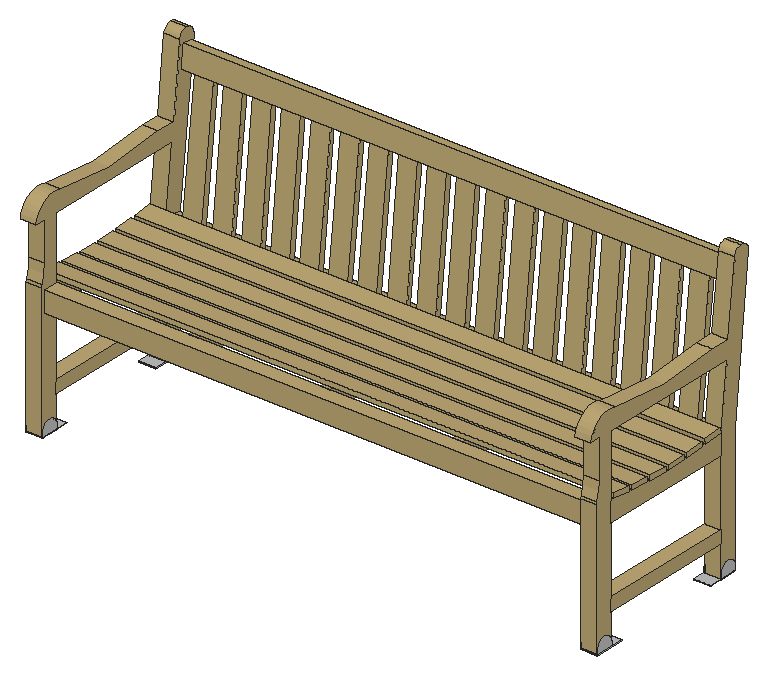
Revit family "L-FUR_벤치_BCBG1_예건", category 일반 모델, Revit 2021
Family settings
  보강 철근 호스트 가능 = 아니오
  원형 커넥터 치수 = 지름 사용
  부품 유형 = 보통
  작업 기준면 기반 = 아니오
  항상 수직 = 예
  로드될 때 보이드를 사용하여 절단 = 아니오
  공유 = 아니오
  룸 계산 점 = 아니오
Parameters
  한국산업규격KS = ""
  조달청표준공사코드-세부공종 = ""
  기본 입면도 = 0 mm
  건설정보분류체계-부위분류 = "E943"
  LIM_INFO_주의사항 = "재배포, 재가공, 판매 금지"
  LIM_INFO_제품업체 = "예건"
  LIM_INFO_제품번호 = "YF-16"
  LIM_INFO_제품명 = "펜스_YF-16"
  LIM_INFO_제작일 = "20230315"
  LIM_INFO_재료 = "Hardwood, STL-pipe, STL-plate"
  LIM_INFO_업체정보 = ""
  LIM_INFO_업체URL = "https://yekun.com/"
  LIM_INFO_업체TEL = "(+82)31-943-6114"
  LIM_INFO_업체EMAIL = "yekun@yekun.com"
  LIM_INFO_버전 = "2023_V01"
  LIM_INFO_기타정보 = ""
  LIM_INFO_규격 = "W2000 x H1800"
  LIM_INFO_가격 = 0
  LIM_INFO_PV_포장재여부 = yes
  LIM_INFO_PV_면적 = 0.00 m²
  KBIMS_식별-버전 = ""
  KBIMS_식별-bSK등록번호 = ""
  KBIMS_보급정보-저작자 = "림인포테크_MMJ"
  KBIMS_보급정보-보급코드 = ""
Reference planes
  plane 1 "중심(앞/뒤)": y = 0
  plane 2: z = 0
  plane 3 "중심(왼쪽/오른쪽)": x = 0
Dimensions and locks
  aligned and locked: level to plane 2
Nested families
  nested 1: "BCBG1_base" at (0, 0, 0), type "BCBG1_base"
Definition of nested family "BCBG1_base"
  Parameters (values of type "BCBG1_base")
    Default Elevation = 0 mm
  Reference planes
    plane 1 "중심(앞/뒤)": y = 0
    plane 2: z = 0
    plane 3 "중심(왼쪽/오른쪽)": x = 0
  Forms (mm)
    Extrusion 1, solid, detail levels fine
      sketch origin (1802, 620.18, 0) x (0, -1, 0) y (0, 0, 1)
        loop
          line (170.128, 423.18) -> (110.571, 430.457) -> (108.752, 415.568) -> (168.309, 408.29) -> (170.128, 423.18)
        loop
          line (243.413, 417.347) -> (183.577, 421.782) -> (182.468, 406.823) -> (242.304, 402.389) -> (243.413, 417.347)
        loop
          line (315.135, 414.949) -> (255.155, 416.521) -> (254.762, 401.526) -> (314.742, 399.954) -> (315.135, 414.949)
        loop
          line (326.518, 414.949) -> (326.911, 399.954) -> (386.89, 401.526) -> (386.497, 416.521) -> (326.518, 414.949)
        loop
          line (398.24, 417.347) -> (399.348, 402.389) -> (459.184, 406.823) -> (458.075, 421.782) -> (398.24, 417.347)
        loop
          line (469.524, 423.18) -> (471.343, 408.29) -> (530.9, 415.568) -> (529.081, 430.457) -> (469.524, 423.18)
      from 0 to 1800
    Extrusion 2, solid, detail levels fine
      sketch origin (1802, 620.18, 0) x (0, -1, 0) y (0, 0, 1)
        loop
          line (108.752, 350) -> (541.752, 350) -> (541.752, 415.923)
          arc (541.752, 415.923) -> (325.264, 400.704) -> (108.752, 415.568) r 1565.67
          line (108.752, 415.568) -> (107.534, 415.737) -> (108.752, 404.933) -> (108.752, 350)
      from 0 to 50
    Extrusion 3, solid, detail levels fine
      sketch origin (1802, 620.18, 0) x (0, -1, 0) y (0, 0, 1)
        loop
          arc (54.355, 887.369) -> (44.308, 904.726) -> (24.839, 909.539) r 25.639
          arc (24.839, 909.539) -> (6.188, 901.186) -> (0, 881.709) r 25
          line (0, 881.709) -> (53.752, 404.933) -> (53.752, 0) -> (108.752, 0) -> (108.752, 404.933) -> (85.512, 611.048) -> (541.728, 611.048) -> (541.728, 0) -> (596.752, 0) -> (596.752, 424.491)
          arc (596.752, 424.491) -> (596.456, 428.483) -> (595.428, 432.352) r 21.587
          arc (595.428, 432.352) -> (588.169, 459.921) -> (585.18, 488.273) r 187.203
          line (585.18, 488.273) -> (585.18, 611.048) -> (620.18, 611.048)
          arc (620.18, 611.048) -> (584.966, 664.33) -> (521.312, 669.548) r 73.038
          arc (521.312, 669.548) -> (330.222, 649.321) -> (138.752, 665.548) r 1012.882
          line (138.752, 665.548) -> (79.363, 665.548) -> (54.355, 887.369)
      from 0 to 50
    Extrusion 4, solid, detail levels fine
      sketch origin (1802, 620.18, 0) x (0, -1, 0) y (0, 0, 1)
        loop
          arc (521.312, 669.548) -> (330.222, 649.321) -> (138.752, 665.548) r 1012.882
          line (138.752, 665.548) -> (79.363, 665.548) -> (54.355, 887.369)
          arc (54.355, 887.369) -> (44.308, 904.726) -> (24.839, 909.539) r 25.639
          arc (24.839, 909.539) -> (6.188, 901.186) -> (0, 881.709) r 25
          line (0, 881.709) -> (53.752, 404.933) -> (53.752, 0) -> (108.752, 0) -> (108.752, 404.933) -> (85.512, 611.048) -> (541.728, 611.048) -> (541.728, 2) -> (596.752, 2) -> (596.752, 424.491)
          arc (596.752, 424.491) -> (596.456, 428.483) -> (595.428, 432.352) r 21.587
          arc (595.428, 432.352) -> (588.169, 459.921) -> (585.18, 488.273) r 187.203
          line (585.18, 488.273) -> (585.18, 611.048) -> (620.18, 611.048)
          arc (620.18, 611.048) -> (584.966, 664.33) -> (521.312, 669.548) r 73.038
      from 1750 to 1800
    Extrusion 5, solid, detail levels fine
      sketch origin (1802, 620.18, 0) x (0, -1, 0) y (0, 0, 1)
        loop
          line (108.752, 140) -> (108.752, 100) -> (541.752, 100) -> (541.752, 140) -> (108.752, 140)
      from 1750 to 1800
    Extrusion 6, solid, detail levels fine
      sketch origin (1802, 620.18, 0) x (0, -1, 0) y (0, 0, 1)
        loop
          line (541.752, 140) -> (108.752, 140) -> (108.752, 100) -> (541.752, 100) -> (541.752, 140)
      from 0 to 50
    Extrusion 7, solid, detail levels fine
      sketch origin (1802, 620.18, 0) x (0, -1, 0) y (0, 0, 1)
        loop
          line (51.366, 804.204) -> (43.523, 873.764) -> (13.712, 870.403) -> (21.554, 800.844) -> (51.366, 804.204)
      from 1750 to 50
    Extrusion 8, solid, detail levels fine
      sketch origin (1802, 620.18, 0) x (0, -1, 0) y (0, 0, 1)
        loop
          line (29.009, 801.669) -> (74.263, 407.257) -> (89.166, 408.967) -> (43.911, 803.379) -> (29.009, 801.669)
      from 87 to 147
    Extrusion 9, solid, detail levels fine
      sketch origin (1710, 620.18, 0) x (0, -1, 0) y (0, 0, 1)
        loop
          line (29.009, 801.669) -> (74.263, 407.257) -> (89.166, 408.967) -> (43.911, 803.379) -> (29.009, 801.669)
      from 87 to 147
    Extrusion 10, solid, detail levels fine
      sketch origin (1618, 620.18, 0) x (0, -1, 0) y (0, 0, 1)
        loop
          line (29.009, 801.669) -> (74.263, 407.257) -> (89.166, 408.967) -> (43.911, 803.379) -> (29.009, 801.669)
      from 87 to 147
    Extrusion 11, solid, detail levels fine
      sketch origin (1526, 620.18, 0) x (0, -1, 0) y (0, 0, 1)
        loop
          line (29.009, 801.669) -> (74.263, 407.257) -> (89.166, 408.967) -> (43.911, 803.379) -> (29.009, 801.669)
      from 87 to 147
    Extrusion 12, solid, detail levels fine
      sketch origin (1434, 620.18, 0) x (0, -1, 0) y (0, 0, 1)
        loop
          line (29.009, 801.669) -> (74.263, 407.257) -> (89.166, 408.967) -> (43.911, 803.379) -> (29.009, 801.669)
      from 87 to 147
    Extrusion 13, solid, detail levels fine
      sketch origin (1342, 620.18, 0) x (0, -1, 0) y (0, 0, 1)
        loop
          line (29.009, 801.669) -> (74.263, 407.257) -> (89.166, 408.967) -> (43.911, 803.379) -> (29.009, 801.669)
      from 87 to 147
    Extrusion 14, solid, detail levels fine
      sketch origin (1250, 620.18, 0) x (0, -1, 0) y (0, 0, 1)
        loop
          line (29.009, 801.669) -> (74.263, 407.257) -> (89.166, 408.967) -> (43.911, 803.379) -> (29.009, 801.669)
      from 87 to 147
    Extrusion 15, solid, detail levels fine
      sketch origin (1158, 620.18, 0) x (0, -1, 0) y (0, 0, 1)
        loop
          line (29.009, 801.669) -> (74.263, 407.257) -> (89.166, 408.967) -> (43.911, 803.379) -> (29.009, 801.669)
      from 87 to 147
    Extrusion 16, solid, detail levels fine
      sketch origin (1066, 620.18, 0) x (0, -1, 0) y (0, 0, 1)
        loop
          line (29.009, 801.669) -> (74.263, 407.257) -> (89.166, 408.967) -> (43.911, 803.379) -> (29.009, 801.669)
      from 87 to 147
    Extrusion 17, solid, detail levels fine
      sketch origin (974, 620.18, 0) x (0, -1, 0) y (0, 0, 1)
        loop
          line (29.009, 801.669) -> (74.263, 407.257) -> (89.166, 408.967) -> (43.911, 803.379) -> (29.009, 801.669)
      from 87 to 147
    Extrusion 18, solid, detail levels fine
      sketch origin (882, 620.18, 0) x (0, -1, 0) y (0, 0, 1)
        loop
          line (29.009, 801.669) -> (74.263, 407.257) -> (89.166, 408.967) -> (43.911, 803.379) -> (29.009, 801.669)
      from 87 to 147
    Extrusion 19, solid, detail levels fine
      sketch origin (790, 620.18, 0) x (0, -1, 0) y (0, 0, 1)
        loop
          line (29.009, 801.669) -> (74.263, 407.257) -> (89.166, 408.967) -> (43.911, 803.379) -> (29.009, 801.669)
      from 87 to 147
    Extrusion 20, solid, detail levels fine
      sketch origin (698, 620.18, 0) x (0, -1, 0) y (0, 0, 1)
        loop
          line (29.009, 801.669) -> (74.263, 407.257) -> (89.166, 408.967) -> (43.911, 803.379) -> (29.009, 801.669)
      from 87 to 147
    Extrusion 21, solid, detail levels fine
      sketch origin (606, 620.18, 0) x (0, -1, 0) y (0, 0, 1)
        loop
          line (29.009, 801.669) -> (74.263, 407.257) -> (89.166, 408.967) -> (43.911, 803.379) -> (29.009, 801.669)
      from 87 to 147
    Extrusion 22, solid, detail levels fine
      sketch origin (514, 620.18, 0) x (0, -1, 0) y (0, 0, 1)
        loop
          line (29.009, 801.669) -> (74.263, 407.257) -> (89.166, 408.967) -> (43.911, 803.379) -> (29.009, 801.669)
      from 87 to 147
    Extrusion 23, solid, detail levels fine
      sketch origin (422, 620.18, 0) x (0, -1, 0) y (0, 0, 1)
        loop
          line (29.009, 801.669) -> (74.263, 407.257) -> (89.166, 408.967) -> (43.911, 803.379) -> (29.009, 801.669)
      from 87 to 147
    Extrusion 24, solid, detail levels fine
      sketch origin (330, 620.18, 0) x (0, -1, 0) y (0, 0, 1)
        loop
          line (29.009, 801.669) -> (74.263, 407.257) -> (89.166, 408.967) -> (43.911, 803.379) -> (29.009, 801.669)
      from 87 to 147
    Extrusion 25, solid, detail levels fine
      sketch origin (238, 620.18, 0) x (0, -1, 0) y (0, 0, 1)
        loop
          line (29.009, 801.669) -> (74.263, 407.257) -> (89.166, 408.967) -> (43.911, 803.379) -> (29.009, 801.669)
      from 87 to 147
    Extrusion 26, solid, detail levels fine
      sketch origin (1802, 620.18, 0) x (0, -1, 0) y (0, 0, 1)
        loop
          line (62.534, 405.833) -> (62.534, 350) -> (108.752, 350) -> (108.752, 404.933) -> (108.05, 411.056) -> (62.534, 405.833)
      from 50 to 1750
    Extrusion 27, solid, detail levels fine
      sketch origin (1804, 620.18, 0) x (0, -1, 0) y (0, 0, 1)
        loop
          line (53.752, 16.495) -> (53.752, 0) -> (108.776, 0) -> (108.776, 16.792)
          arc (108.776, 16.792) -> (81.127, 42) -> (53.752, 16.495) r 27.604
      from 0 to 2
    Extrusion 28, solid, detail levels fine
      sketch origin (1752, 620.18, 0) x (0, -1, 0) y (0, 0, 1)
        loop
          line (53.752, 16.495) -> (53.752, 0) -> (108.776, 0) -> (108.776, 16.792)
          arc (108.776, 16.792) -> (81.127, 42) -> (53.752, 16.495) r 27.604
      from 0 to 2
    Extrusion 29, solid, detail levels fine
      sketch origin (54, 620.18, 0) x (0, -1, 0) y (0, 0, 1)
        loop
          line (53.752, 16.495) -> (53.752, 0) -> (108.776, 0) -> (108.776, 16.792)
          arc (108.776, 16.792) -> (81.127, 42) -> (53.752, 16.495) r 27.604
      from 0 to 2
    Extrusion 30, solid, detail levels fine
      sketch origin (2, 620.18, 0) x (0, -1, 0) y (0, 0, 1)
        loop
          line (53.752, 16.495) -> (53.752, 0) -> (108.776, 0) -> (108.776, 16.792)
          arc (108.776, 16.792) -> (81.127, 42) -> (53.752, 16.495) r 27.604
      from 0 to 2
    Extrusion 31, solid, detail levels fine
      sketch origin (1804, 132.204, 0) x (0, -1, 0) y (0, 0, 1)
        loop
          line (53.752, 16.495) -> (53.752, 0) -> (108.776, 0) -> (108.776, 16.792)
          arc (108.776, 16.792) -> (81.127, 42) -> (53.752, 16.495) r 27.604
      from 0 to 2
    Extrusion 32, solid, detail levels fine
      sketch origin (1752, 132.204, 0) x (0, -1, 0) y (0, 0, 1)
        loop
          line (53.752, 16.495) -> (53.752, 0) -> (108.776, 0) -> (108.776, 16.792)
          arc (108.776, 16.792) -> (81.127, 42) -> (53.752, 16.495) r 27.604
      from 0 to 2
    Extrusion 33, solid, detail levels fine
      sketch origin (54, 132.204, 0) x (0, -1, 0) y (0, 0, 1)
        loop
          line (53.752, 16.495) -> (53.752, 0) -> (108.776, 0) -> (108.776, 16.792)
          arc (108.776, 16.792) -> (81.127, 42) -> (53.752, 16.495) r 27.604
      from 0 to 2
    Extrusion 34, solid, detail levels fine
      sketch origin (2, 132.204, 0) x (0, -1, 0) y (0, 0, 1)
        loop
          line (53.752, 16.495) -> (53.752, 0) -> (108.776, 0) -> (108.776, 16.792)
          arc (108.776, 16.792) -> (81.127, 42) -> (53.752, 16.495) r 27.604
      from 0 to 2
    Extrusion 35, solid, detail levels fine
      sketch origin (1802, 620.18, 0) x (0, -1, 0) y (0, 0, 1)
        loop
          line (149.776, 2) -> (53.752, 2) -> (53.752, 0) -> (149.776, 0) -> (149.776, 2)
      from -2 to 52
    Extrusion 36, solid, detail levels fine
      sketch origin (52, 620.18, 0) x (0, -1, 0) y (0, 0, 1)
        loop
          line (149.776, 2) -> (53.752, 2) -> (53.752, 0) -> (149.776, 0) -> (149.776, 2)
      from -2 to 52
    Extrusion 37, solid, detail levels fine
      sketch origin (1802, 173.204, 0) x (0, -1, 0) y (0, 0, 1)
        loop
          line (149.776, 2) -> (53.752, 2) -> (53.752, 0) -> (149.776, 0) -> (149.776, 2)
      from -2 to 52
    Extrusion 38, solid, detail levels fine
      sketch origin (52, 173.204, 0) x (0, -1, 0) y (0, 0, 1)
        loop
          line (149.776, 2) -> (53.752, 2) -> (53.752, 0) -> (149.776, 0) -> (149.776, 2)
      from -2 to 52
    Extrusion 39, solid, detail levels fine
      sketch origin (1802, 620.18, 0) x (0, -1, 0) y (0, 0, 1)
        loop
          line (591.752, 415.923) -> (541.752, 415.923) -> (541.752, 350) -> (591.752, 350) -> (591.752, 415.923)
      from 50 to 1750
    Extrusion 40, solid, detail levels fine
      sketch origin (1802, 620.18, 0) x (0, -1, 0) y (0, 0, 1)
        loop
          line (108.752, 350) -> (541.752, 350) -> (541.752, 415.923)
          arc (541.752, 415.923) -> (325.264, 400.704) -> (108.752, 415.568) r 1565.67
          line (108.752, 415.568) -> (107.534, 415.737) -> (108.752, 404.933) -> (108.752, 350)
      from 468.5 to 498.5
    Extrusion 41, solid, detail levels fine
      sketch origin (1385.5, 620.18, 0) x (0, -1, 0) y (0, 0, 1)
        loop
          line (108.752, 350) -> (541.752, 350) -> (541.752, 415.923)
          arc (541.752, 415.923) -> (325.264, 400.704) -> (108.752, 415.568) r 1565.67
          line (108.752, 415.568) -> (107.534, 415.737) -> (108.752, 404.933) -> (108.752, 350)
      from 468.5 to 498.5
    Extrusion 42, solid, detail levels fine
      sketch origin (969, 620.18, 0) x (0, -1, 0) y (0, 0, 1)
        loop
          line (108.752, 350) -> (541.752, 350) -> (541.752, 415.923)
          arc (541.752, 415.923) -> (325.264, 400.704) -> (108.752, 415.568) r 1565.67
          line (108.752, 415.568) -> (107.534, 415.737) -> (108.752, 404.933) -> (108.752, 350)
      from 468.5 to 498.5
    Extrusion 43, solid, detail levels fine
      sketch origin (52, 620.18, 0) x (0, -1, 0) y (0, 0, 1)
        loop
          line (108.752, 350) -> (541.752, 350) -> (541.752, 415.923)
          arc (541.752, 415.923) -> (325.264, 400.704) -> (108.752, 415.568) r 1565.67
          line (108.752, 415.568) -> (107.534, 415.737) -> (108.752, 404.933) -> (108.752, 350)
      from 0 to 50
    Extrusion 44, solid, detail levels coarse+medium
      sketch origin (1800, 620.18, 0) x (0, -1, 0) y (0, 0, 1)
        loop
          line (530.9, 430.457) -> (108.752, 430.457) -> (108.752, 415.568) -> (530.9, 415.568) -> (530.9, 430.457)
      from 0 to 1800
    Extrusion 45, solid, detail levels coarse+medium
      sketch origin (1800, 620.18, 0) x (0, -1, 0) y (0, 0, 1)
        loop
          line (108.752, 350) -> (541.752, 350) -> (541.752, 415.923) -> (108.752, 415.923) -> (108.752, 350)
      from 0 to 50
    Extrusion 46, solid, detail levels coarse+medium
      sketch origin (1800, 620.18, 0) x (0, -1, 0) y (0, 0, 1)
        loop
          line (108.752, 140) -> (108.752, 100) -> (541.752, 100) -> (541.752, 140) -> (108.752, 140)
      from 1750 to 1800
    Extrusion 47, solid, detail levels coarse+medium
      sketch origin (1800, 620.18, 0) x (0, -1, 0) y (0, 0, 1)
        loop
          line (541.752, 140) -> (108.752, 140) -> (108.752, 100) -> (541.752, 100) -> (541.752, 140)
      from 0 to 50
    Extrusion 48, solid, detail levels coarse+medium
      sketch origin (1800, 620.18, 0) x (0, -1, 0) y (0, 0, 1)
        loop
          line (51.366, 804.204) -> (43.523, 873.764) -> (13.712, 870.403) -> (21.554, 800.844) -> (51.366, 804.204)
      from 1750 to 50
    Extrusion 49, solid, detail levels coarse+medium
      sketch origin (236, 620.18, 0) x (0, -1, 0) y (0, 0, 1)
        loop
          line (29.009, 801.669) -> (74.263, 407.257) -> (89.166, 408.967) -> (43.911, 803.379) -> (29.009, 801.669)
      from -1477 to 147
    Extrusion 50, solid, detail levels coarse+medium
      sketch origin (1800, 620.18, 0) x (0, -1, 0) y (0, 0, 1)
        loop
          line (62.534, 405.833) -> (62.534, 350) -> (108.752, 350) -> (108.752, 404.933) -> (108.05, 411.056) -> (62.534, 405.833)
      from 50 to 1750
    Extrusion 51, solid, detail levels coarse+medium
      sketch origin (0, 620.18, 0) x (0, -1, 0) y (0, 0, 1)
        loop
          line (53.752, 16.495) -> (53.752, 0) -> (108.776, 0) -> (108.776, 16.792)
          arc (108.776, 16.792) -> (81.127, 42) -> (53.752, 16.495) r 27.604
      from 0 to 2
    Extrusion 52, solid, detail levels coarse+medium
      sketch origin (1800, 620.18, 0) x (0, -1, 0) y (0, 0, 1)
        loop
          line (591.752, 415.923) -> (541.752, 415.923) -> (541.752, 350) -> (591.752, 350) -> (591.752, 415.923)
      from 50 to 1750
    Extrusion 53, solid, detail levels coarse+medium
      sketch origin (1800, 620.18, 0) x (0, -1, 0) y (0, 0, 1)
        loop
          line (-2.794, 906.496) -> (53.752, 404.933) -> (53.752, 0) -> (108.752, 0) -> (108.752, 404.933) -> (85.512, 611.048) -> (541.728, 611.048) -> (541.728, 0) -> (596.752, 0) -> (596.752, 665.548) -> (79.363, 665.548) -> (51.509, 912.618) -> (-2.794, 906.496)
      from 0 to 50
    Extrusion 54, solid, detail levels coarse+medium
      sketch origin (1800, 620.18, 0) x (0, -1, 0) y (0, 0, 1)
        loop
          line (108.752, 350) -> (541.752, 350) -> (541.752, 415.923) -> (108.752, 415.923) -> (108.752, 350)
      from 1750 to 1800
    Extrusion 55, solid, detail levels coarse+medium
      sketch origin (1800, 620.18, 0) x (0, -1, 0) y (0, 0, 1)
        loop
          line (-2.794, 906.496) -> (53.752, 404.933) -> (53.752, 0) -> (108.752, 0) -> (108.752, 404.933) -> (85.512, 611.048) -> (541.728, 611.048) -> (541.728, 0) -> (596.752, 0) -> (596.752, 665.548) -> (79.363, 665.548) -> (51.509, 912.618) -> (-2.794, 906.496)
      from 1750 to 1800
  Dimensions and locks
    aligned and locked: level to plane 2
    aligned and locked: Extrusion 4 sketch curve to Extrusion 3
